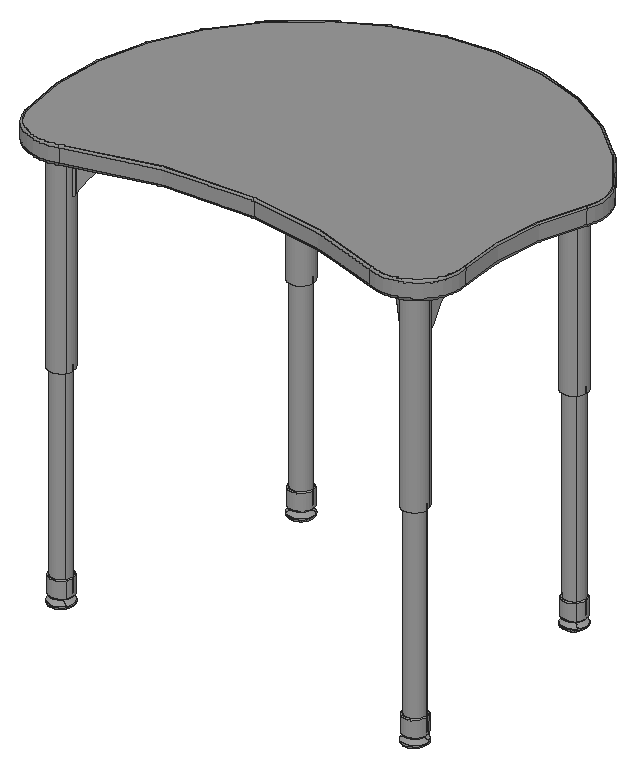
Revit family "Hierarchy Sail Desk", category Furniture, Revit 2018
Family settings
  Work Plane-Based = No
  Always vertical = Yes
  Cut with Voids When Loaded = No
  Shared = No
  Room Calculation Point = No
Parameters
  Desk Height = 2' - 5"
  Surface = Hierarchy Sail Desk Surface
  Leg Finish = Hierarchy Leg Platinum
  Edgeband = Hierarchy Sail Desk Edgeband
  Caster/Glide = Hierarchy Leg - Glide : Hierarchy Leg - Glide
Reference planes (in)
  plane 1 "Center (Front/Back)": y = 0
  plane 2: z = 0
  plane 3 "Center (Left/Right)": x = 0
  plane 4 "Table Height": z = 29
Dimensions and locks (in)
  "Desk Height": plane 4 "Table Height" to level
  aligned and locked: plane 2 to level
  aligned and locked: nested 1 to plane 4 "Table Height"
Nested families (in)
  nested 1: "Sail Tabletop" at (0, 0, 2.21002), type "Sail Tabletop"
  nested 2: "Hierarchy Leg - Glide" at (-9.81865, 6.47407, 0) x (0.766, 0.6428, 0) z (0, 0, 1), type <- "Caster/Glide", Leg Finish <- "Leg Finish", Leg Height <- "Desk Height", type "Hierarchy Leg - Glide"
  nested 3: "Hierarchy Leg - Glide" at (-13.96759, -9.46098, 0) x (-0.8853, 0.4649, 0) z (0, 0, 1), type <- "Caster/Glide", Leg Finish <- "Leg Finish", Leg Height <- "Desk Height", type "Hierarchy Leg - Glide"
  nested 4: "Hierarchy Leg - Glide" at (10.96749, -9.49081, 0) x (-0.8761, -0.4821, 0) z (0, 0, 1), Leg Finish <- "Leg Finish", Leg Height <- "Desk Height", type "Hierarchy Leg - Glide"
    with Leg Height 2' - 5", Leg Finish Hierarchy Leg Platinum
  nested 5: "Hierarchy Leg - Glide" at (9.6294, 6.20876, 0) x (0.766, -0.6428, 0) z (0, 0, 1), Leg Finish <- "Leg Finish", Leg Height <- "Desk Height", type "Hierarchy Leg - Glide"
    with Leg Height 2' - 5", Leg Finish Hierarchy Leg Platinum
Definition of nested family "Sail Tabletop"
  Parameters (values of type "Sail Tabletop")
    Surface = none
    Edgeband = none
  Reference planes (in)
    plane 1 "Center (Front/Back)": y = 0
    plane 2: z = 0
    plane 3 "Center (Left/Right)": x = 0
  Forms (in)
    Extrusion 1, solid, material <- "Surface"
      sketch origin (-2.11598, 6.87, 0) x (1, 0, 0) y (0, 1, 0)
        loop
          arc (16.29679, -2.95523) -> (-4.66789, 3.3463) -> (-14.22095, -16.35055) r 16.87857
          arc (-14.22095, -16.35055) -> (-12.73925, -18.19375) -> (-10.37732, -18.3126) r 2.88882
          arc (-10.37732, -18.3126) -> (-4.41048, -16.66524) -> (1.76642, -16.26157) r 30.37867
          arc (1.76642, -16.26157) -> (6.78411, -16.86997) -> (11.62983, -18.30748) r 30.17111
          arc (11.62983, -18.30748) -> (14.50724, -17.85169) -> (15.5199, -15.12007) r 2.88463
          arc (15.5199, -15.12007) -> (15.35803, -10.29618) -> (16.54292, -5.61728) r 17.19841
          arc (16.54292, -5.61728) -> (16.74629, -4.25608) -> (16.29679, -2.95523) r 2.88908
      from 26.78998 to 28.03998
    Sweep 2, solid, material <- "Edgeband"
      path origin (-2.11598, 6.87, 0) x (1, 0, 0) y (0, 1, 0)
        loop
          arc (15.5199, -15.12007) -> (15.35803, -10.29618) -> (16.54292, -5.61728) r 17.19841
          arc (16.54292, -5.61728) -> (16.74629, -4.25608) -> (16.29679, -2.95523) r 2.88908
          arc (16.29679, -2.95523) -> (-4.66789, 3.3463) -> (-14.22095, -16.35055) r 16.87857
          arc (-14.22095, -16.35055) -> (-12.73925, -18.19375) -> (-10.37732, -18.3126) r 2.88882
          arc (-10.37732, -18.3126) -> (-4.41048, -16.66524) -> (1.76642, -16.26157) r 30.37867
          arc (1.76642, -16.26157) -> (6.78411, -16.86997) -> (11.62983, -18.30748) r 30.17111
          arc (11.62983, -18.30748) -> (14.50724, -17.85169) -> (15.5199, -15.12007) r 2.88463
      profile origin (13.24205, -3.42619, 0) x (-0.994255, 0.107036, 0) y (0, 0, 1)
        loop
          arc (0, 28.03998) -> (-0.09391, 28.00108) -> (-0.13281, 27.90716) r 0.13281
          line (-0.13281, 27.90716) -> (-0.13281, 26.92279)
          arc (-0.13281, 26.92279) -> (-0.09391, 26.82888) -> (0, 26.78998) r 0.13281
          line (0, 26.78998) -> (0, 28.03998)
  Dimensions and locks (in)
    aligned and locked: plane 2 to level
Definition of nested family "Hierarchy Leg - Glide"
  Parameters (values of type "Hierarchy Leg - Glide")
    Leg Finish [instance] = none
    Leg Height [instance] = 2' - 5"
  Reference planes (in)
    plane 1 "Center (Front/Back)": y = 0
    plane 2: z = 0
    plane 3 "Center (Left/Right)": x = 0
  Forms (in)
    Extrusion 1, solid
      sketch origin (-0.01562, 0, 0) x (1, 0, 0) y (0, 1, 0)
        loop
          circle (0.01563, 0) r 0.67016
      from 0.67618 to 16.17618
    Revolve 2, solid
      sketch origin (0, 0, 0) x (1, 0, 0) y (0, 0, 1)
        loop
          line (-0.73189, 1.80118) -> (-0.79439, 1.73867) -> (-0.79439, 0.61381) -> (-0.73176, 0.55118) -> (-0.125, 0.55118) -> (-0.125, 0.42618) -> (-0.84656, 0.16241) -> (-0.84656, 0.08994) -> (-0.81359, 0) -> (0, 0) -> (0, 1.80118) -> (-0.73189, 1.80118)
        axis (0, 1.80118) -> (0, 0)
      angle from 0 to 360
  Dimensions and locks (in)
    "Leg Height": nested 1 to level
    aligned and locked: plane 2 to level
  Automatic sketch dimensions
    plane 1 "Center (Front/Back)" to Extrusion 1 sketch curve = 0' - 0"
    Extrusion 1 sketch curve to plane 3 "Center (Left/Right)" = 0' - 0"
    Revolve 2 sketch curve to level = 0' - 0"
    Revolve 2 sketch curve to plane 3 "Center (Left/Right)" = 0' - 0"  (x2)
    Revolve 2 sketch curve to plane 3 "Center (Left/Right)" = 0' - 0 1/8"
    Revolve 2 sketch curve to Revolve 2 sketch curve = 0' - 0.60676"
    Revolve 2 sketch curve to Revolve 2 sketch curve = 0' - 0.73189"
    Revolve 2 sketch curve to Revolve 2 sketch curve = 0' - 0.06263"  (x2)
    Revolve 2 sketch curve to Revolve 2 sketch curve = 0' - 0.08183"
    Revolve 2 sketch curve to Revolve 2 sketch curve = 0' - 0.03297"
    level to Revolve 2 sketch curve = 0' - 0.08994"
    Revolve 2 sketch curve to Revolve 2 sketch curve = 0' - 0.07247"
    level to Revolve 2 sketch curve = 0' - 0.42618"
    Revolve 2 sketch curve to Revolve 2 sketch curve = 0' - 0 1/8"
    Revolve 2 sketch curve to Revolve 2 sketch curve = 0' - 1.12486"
    Revolve 2 sketch curve to Revolve 2 sketch curve = 0' - 0 1/16"
    Revolve 2 sketch curve to level = 2' - 0"
    Revolve 2 sketch curve to Revolve 2 sketch curve = 8' - 4.91764"
    radius of Extrusion 1 sketch curve = 0' - 0.67016"
  Nested families (in)
    nested 1: "Hierarchy Upper Leg 2023" at (0, 0, 1.19783), Shapes Leg Finish <- "Leg Finish", type "Hierarchy Upper Leg 2023"
      with Shapes Leg Finish none
  Definition of nested family "Hierarchy Upper Leg 2023"
    Parameters (values of type "Hierarchy Upper Leg 2023")
      Shapes Leg Finish [instance] = none
    Reference planes (in)
      plane 1 "Center (Front/Back)": y = 0
      plane 2: z = 0
      plane 3 "Center (Left/Right)": x = 0
    Forms (in)
      Extrusion 1, solid, material <- "Shapes Leg Finish"
        sketch origin (0, 0, 0) x (1, 0, 0) y (0, 1, 0)
          loop
            circle (0, 0) r 0.84802
        from 13.67618 to 27.67618
      Extrusion 2, solid, material <- "Shapes Leg Finish"
        sketch origin (0, 0, 0) x (1, 0, 0) y (0, 1, 0)
          loop
            line (-1.70174, 0.19183) -> (-2.88626, -2.26116)
            arc (-2.88626, -2.26116) -> (-2.83993, -3.09822) -> (-2.1063, -3.50394) r 0.86614
            line (-2.1063, -3.50394) -> (2.1063, -3.50394)
            arc (2.1063, -3.50394) -> (2.83993, -3.09822) -> (2.88626, -2.26116) r 0.86614
            line (2.88626, -2.26116) -> (1.70174, 0.19183)
            arc (1.70174, 0.19183) -> (0, 1.25984) -> (-1.70174, 0.19183) r 1.88976
        from 27.67618 to 27.80217
      Extrusion 3, solid, material <- "Shapes Leg Finish"
        sketch origin (-1.48519, 8.66524, 0) x (-0.434844, 0.900506, 0) y (0, 0, 1)
          loop
            line (-9.01425, 27.67618) -> (-11.80952, 27.67618)
            arc (-11.80952, 27.67618) -> (-11.92325, 27.58993) -> (-11.87088, 27.45715) r 0.11811
            arc (-11.87088, 27.45715) -> (-10.39364, 26.29679) -> (-9.23328, 24.81955) r 7.87402
            arc (-9.23328, 24.81955) -> (-9.1005, 24.76717) -> (-9.01425, 24.88091) r 0.11811
            line (-9.01425, 24.88091) -> (-9.01425, 27.67618)
        from -1.94075 to -1.81476
      Extrusion 4, solid, material <- "Shapes Leg Finish"
        sketch origin (1.48519, 8.66524, 0) x (0.434844, 0.900506, 0) y (0, 0, -1)
          loop
            line (-9.01425, -27.67618) -> (-9.01425, -24.88091)
            arc (-9.01425, -24.88091) -> (-9.1005, -24.76717) -> (-9.23328, -24.81955) r 0.11811
            arc (-9.23328, -24.81955) -> (-10.39364, -26.29679) -> (-11.87088, -27.45715) r 7.87402
            arc (-11.87088, -27.45715) -> (-11.92325, -27.58993) -> (-11.80952, -27.67618) r 0.11811
            line (-11.80952, -27.67618) -> (-9.01425, -27.67618)
        from -1.94075 to -1.81476
    Dimensions and locks (in)
      aligned and locked: plane 2 to level
